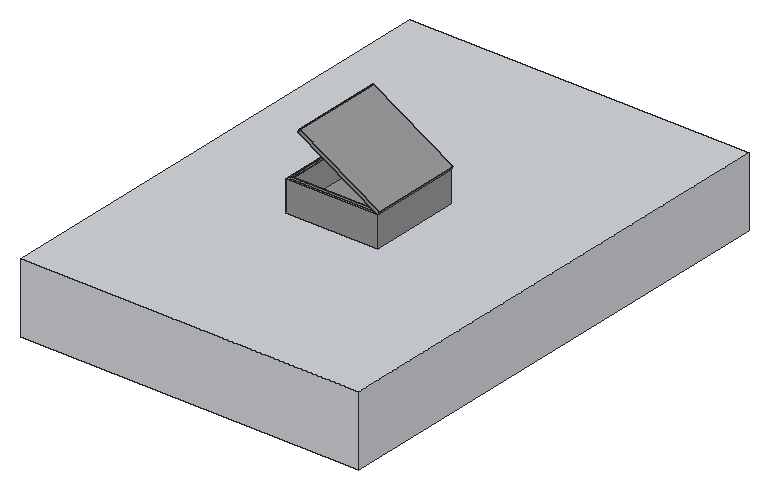
Revit family "Hager-Orion_Inox-IP66-D150-Cl.I-Inox_encl-630A-400mm-CH-it", category Equipement électrique, Revit 2020
Family settings
  Hôte = Face
  Configuration du panneau = Deux colonnes, circuits au sein
  Cote de connecteur circulaire = Utiliser le diamètre
  Type d'élément = Tableau de raccordement
  Couper avec des vides une fois chargée = Non
  Partagée = Non
  Point de calcul de pièce = Non
Parameters (values of type "A parete IP66 L400 A400 P150  - FL014BWL")
  Width Control [instance] = if([EF000008 - Larghezza] > Min Width, [EF000008 - Larghezza], Min Width)  # 400 mm
  Commentaires du type = [HG000003 - Gamma]  # "Orion Inox"
  Thickness Door [instance] = if([EF009171 - spessore materiale porta/coperchio] > 3 mm, 3 mm, [EF009171 - spessore materiale porta/coperchio])  # 1.5 mm
  Seal Frame Offset [instance] = 17 mm  # constant formula
  Model = ""
  Min Width [instance] = 100 mm  # constant formula
  Min Height [instance] = 100 mm  # constant formula
  Min Depth [instance] = (2 * [EF009170 - spessore materiale scatola]) + 1 mm  # 4 mm
  Internal Frame Depth [instance] = (Door System Depth * 0.5)  # 9 mm
  Height Control [instance] = if([EF000040 - Altezza] > Min Height, [EF000040 - Altezza], Min Height)  # 400 mm
  HG000027 - Altezza dello zoccolo = 0 mm
  HG000026 - A pavimento = no
  HG000024 - Altezza della sezione inferiore = 800 mm
  HG000023 - Custodia a doppia sezione = no
  HG000016 - Visibilità delle porte nella vista 3D [instance] = yes
  HG000015 - Visibilità attraverso la porta [instance] = no
  HG000014 - Porta destra [instance] = yes
  HG000013 - Porta sinistra [instance] = not([HG000014 - Porta destra])  # no
  HG000012 - Angolo di apertura della porta [instance] = 30.00°
  HG000010 - Porte asimmetriche = no
  HG000009 - Porta doppia a battente = no
  HG000006 - Ad incasso = no
  HG000004 - Codice produttore = "FL014BWL"
  HG000003 - Gamma = "Orion Inox"
  HG000002 - Con porta = yes
  Frame Offset Bottom [instance] = 10 mm  # constant formula
  Frame Offset [instance] = 15 mm  # constant formula
  EF015940 - Coprire con rilascio di sovrapressione = no
  EF011959 - tipo di protezione (NEMA) = ""
  EF009554 - numero delle aperture per la piastra della flangia = 0
  Fabricant = "Hager"  # constant formula
  EF009212 - esecuzione coperchio = "EV009916 - con taglio"
  EF009171 - spessore materiale porta/coperchio = 1.5 mm
  EF009170 - spessore materiale scatola = 1.5 mm
  EF008873 - corrente nominale (In) = 630 A
  EF007800 - adatto per parafulmine = no
  EF006306 - con serratura = no
  EF006244 - coperchio/porta trasparente = no
  EF005474 - grado di protezione (IP) = "EV006422 - IP66"
  EF004464 - tipo di porta = "EV002646 - singolo"
  EF004427 - numero di moduli = 0
  EF004293 - resistenza agli urti = "EV008784 - IK10"
  EF003532 - adatto per uso esterno = yes
  EF002950 - Numero moduli DIN = 0
  EF001613 - Integrità del circuito = ""
  EF001596 - Attacco Lampada = "EV000166 - acciaio inossidabile"
  EF001131 - profondità interna = 116 mm
  EF001088 - possibilità di applicazione = yes
  EF000437 - numero di ingressi per conduttori = 0
  EF000339 - tipo di copertura = "EV004216 - porta"
  EF000266 - numero di file = 0
  EF000218 - profondità di incasso = 0 mm
  EF000118 - con piastra di montaggio = no
  EF000116 - numero RAL = ""
  EF000049 - profondità = 150 mm
  EF000040 - Altezza = 400 mm
  EF000008 - Larghezza = 400 mm
  EF000007 - colore = "EV000154 - altri"
  EF000003 - Tipo di montaggio = "EV000384 - A parete"
  Door System Leaf Tolerance [instance] = 1.5 mm  # constant formula
  Door System Depth [instance] = 18 mm  # constant formula
  Depth Control [instance] = if([EF000049 - profondità] > Min Depth, [EF000049 - profondità], Min Depth)  # 150 mm
  Default Elevation = 0 mm
Types (4, lengths in mm): name | Width Control | HG000004 - Codice produttore | EF009212 - esecuzione coperchio | EF006306 - con serratura | EF006244 - coperchio/porta trasparente | EF004293 - resistenza agli urti | EF001613 - Integrità del circuito | EF000008 - Larghezza
  A parete IP66 L300 A400 P150  - FL014TW | 300 | "FL014TW" | "EV000116 - chiuso" | yes | yes | "EV006814 - IK08" | "EV000494 - senza" | 300
  A parete IP66 L300 A400 P150  - FL014TWL | 300 | "FL014TWL" | "EV000116 - chiuso" | yes | yes | "EV006814 - IK08" | "EV000494 - senza" | 300
  A parete IP66 L400 A400 P150  - FL014BW | 400 | "FL014BW" | "EV009916 - con taglio" | no | no | "EV008784 - IK10" | "" | 400
  A parete IP66 L400 A400 P150  - FL014BWL | 400 | "FL014BWL" | "EV009916 - con taglio" | no | no | "EV008784 - IK10" | "" | 400
Reference planes
  plane 1 "Center (Front/Back)": y = 0
  plane 2: z = 0
  plane 3 "Center (Left/Right)": x = 0
  plane 4: z = 150
  plane 5: y = 1.5
  plane 6: y = 200
  plane 7: y = 0
  plane 8: y = 400
  plane 9: z = 0
  plane 10: x = -185
  plane 11: x = 185
  plane 12: x = 183.5
  plane 13: x = -183.5
  plane 14: y = 398.5
  plane 15: x = -183
  plane 16: x = -200
  plane 17: x = 183
  plane 18: x = 200
  plane 19: x = 198.5
  plane 20: x = -198.5
  plane 21: y = 11.5
  plane 22: y = 400
  plane 23: y = 383.5
  plane 24: z = 132
  plane 25: z = 1.5
  plane 26: z = 130.5
  plane 27: z = 148.5
Forms (mm)
  Extrusion 1, solid
    sketch origin (0, 0, 0) x (1, 0, 0) y (0, 1, 0)
      loop
        line (-702.964, 1305) -> (-702.964, -811.445) -> (766.763, -811.445) -> (766.763, 1305) -> (-702.964, 1305)
    from 0 to -304.8
  Extrusion 2, solid, material "Hager_Stainless_Steel", detail levels medium+fine
    sketch origin (0, 0, 0) x (1, 0, 0) y (0, 1, 0)
      loop
        line (-200, 0) -> (200, 0) -> (200, 400) -> (-200, 400) -> (-200, 0)
    from 0 to 132
  Extrusion 3, solid, material "Hager_Steel_RAL 7035_Light_Grey", not visible, detail levels medium+fine
    sketch origin (0, 28.16, 50.802) x (0, 1, 0) y (0, 0, 1)
      loop
        line (223.34, -50.802) -> (223.34, 87.698)
        arc (223.34, 87.698) -> (220.411, 94.769) -> (213.34, 97.698) r 10
        line (213.34, 97.698) -> (183.34, 97.698) -> (183.34, -50.802) -> (223.34, -50.802)
    from -198.5 to 198.5
  Extrusion 4, void
    sketch origin (0, 0, 0) x (1, 0, 0) y (0, 1, 0)
      loop
        line (-198.5, 1.5) -> (198.5, 1.5) -> (198.5, 398.5) -> (-198.5, 398.5) -> (-198.5, 1.5)
    from 1.5 to 130.5
  Extrusion 5, void
    sketch origin (-381.607, -4572, 132) x (0, -1, 0) y (-1, 0, 0)
      loop
        line (-4583.5, -198.107) -> (-4955.5, -198.107) -> (-4955.5, -565.107) -> (-4583.5, -565.107) -> (-4583.5, -198.107)
    from 0 to 1.5 <- "EF009170 - spessore materiale scatola"
  Extrusion 6, solid, material "Hager_Stainless_Steel", detail levels fine
    sketch origin (-381.607, -4572, 132) x (-1, 0, 0) y (0, -1, 0)
      loop
        line (-198.107, -4583.5) -> (-565.107, -4583.5) -> (-565.107, -4955.5) -> (-198.107, -4955.5) -> (-198.107, -4583.5)
      loop
        line (-197.107, -4582) -> (-566.107, -4582) -> (-566.107, -4957) -> (-197.107, -4957) -> (-197.107, -4582)
    from 0 to 9 <- "Internal Frame Depth"
  Extrusion 7, solid, material "Hager_Stainless_Steel", detail levels coarse
    sketch origin (0, 0, 0) x (1, 0, 0) y (0, 1, 0)
      loop
        line (-200, 0) -> (200, 0) -> (200, 400) -> (-200, 400) -> (-200, 0)
    from 0 to 150
Cuts and joins
  Extrusion 4, Extrusion 5 cuts Extrusion 2
Lines and regions (mm)
  Masking region 1
    outline origin (0, 0, 0) x (1, 0, 0) y (0, 0, 1)
      loop
        line (-200, 150) -> (-200, 0) -> (200, 0) -> (200, 150) -> (-200, 150)
  Masking region 2, detail levels medium+fine
    outline origin (0, 140, 0) x (0, 1, 0) y (0, 0, 1)
      loop
        line (-140, 0) -> (260, 0) -> (260, 132) -> (-140, 132) -> (-140, 0)
  Masking region 3, not visible, detail levels medium+fine
    outline origin (0, 297.922, 0) x (0, 1, 0) y (0, 0, 1)
      loop
        line (-86.422, 0) -> (-46.422, 0) -> (-46.422, 138.5)
        arc (-46.422, 138.5) -> (-49.351, 145.571) -> (-56.422, 148.5) r 10
        line (-56.422, 148.5) -> (-86.422, 148.5) -> (-86.422, 0)
  Masking region 4, detail levels coarse
    outline origin (0, 0, 180) x (0, 1, 0) y (0, 0, 1)
      loop
        line (0, -180) -> (400, -180) -> (400, -30) -> (0, -30) -> (0, -180)
  Masking region 5
    outline origin (-381.607, -4572, 132) x (-1, 0, 0) y (0, -1, 0)
      loop
        line (-181.607, -4972) -> (-181.607, -4572) -> (-581.607, -4572) -> (-581.607, -4972) -> (-181.607, -4972)
Dimensions and locks
  "Depth Control": plane 4 to Extrusion 1
  "EF009170 - spessore materiale scatola": plane 5 to plane 7
  locked: connector elem to plane 3 "Center (Left/Right)"
  equal spacing: plane 8, plane 6, plane 7
  locked: connector elem to plane 6
  "EF009170 - spessore materiale scatola": plane 8 to plane 14
  "EF009170 - spessore materiale scatola": plane 10 to plane 13
  "EF009170 - spessore materiale scatola": plane 12 to plane 11
  "Frame Offset": plane 20 to plane 13
  "Frame Offset": plane 12 to plane 19
  "EF009170 - spessore materiale scatola": plane 16 to plane 20
  "EF009170 - spessore materiale scatola": plane 19 to plane 18
  "Seal Frame Offset": plane 16 to plane 15
  "Seal Frame Offset": plane 17 to plane 18
  "Frame Offset Bottom": plane 21 to plane 5
  "Frame Offset": plane 14 to plane 23
  equal spacing: plane 16, plane 3 "Center (Left/Right)", plane 18
  "Width Control": plane 16 to plane 18
  "EF009170 - spessore materiale scatola": plane 4 to plane 27
  "EF009170 - spessore materiale scatola": plane 24 to plane 26
  "EF009170 - spessore materiale scatola": plane 25 to level
  "Door System Depth": plane 4 to plane 24
  "Height Control": plane 1 "Center (Front/Back)" to Extrusion 7 sketch curve
  "Height Control": Masking region 4 sketch curve to plane 1 "Center (Front/Back)"
  "Thickness Door": Extrusion 6 sketch curve to plane 15
  "Thickness Door": plane 21 to Extrusion 6 sketch curve
  "Thickness Door": plane 17 to Extrusion 6 sketch curve
  "Thickness Door": Extrusion 6 sketch curve to plane 23
  "Height Control": plane 1 "Center (Front/Back)" to plane 22
  radius of Masking region 3 sketch curve = 10 mm
  radius of Extrusion 3 sketch curve = 10 mm
  aligned and locked: plane 2 to Extrusion 1
  aligned and locked: level to Extrusion 1
  aligned and locked: level to Masking region 1 sketch curve
  aligned and locked: Masking region 1 sketch curve to plane 18
  aligned and locked: Masking region 1 sketch curve to plane 16
  aligned and locked: plane 7 to Masking region 2 sketch curve
  aligned and locked: level to Masking region 3 sketch curve
  aligned and locked: Masking region 3 sketch curve to plane 27
  aligned and locked: level to Masking region 2 sketch curve
  aligned and locked: Extrusion 2 sketch curve to plane 7
  aligned and locked: plane 16 to Extrusion 2 sketch curve
  aligned and locked: plane 18 to Extrusion 2 sketch curve
  aligned and locked: Extrusion 3 sketch curve to level
  aligned and locked: plane 27 to Extrusion 3 sketch curve
  aligned and locked: plane 20 to Extrusion 3
  aligned and locked: plane 19 to Extrusion 3
  aligned and locked: plane 20 to Extrusion 4 sketch curve
  aligned and locked: plane 19 to Extrusion 4 sketch curve
  aligned and locked: Extrusion 4 sketch curve to plane 5
  aligned and locked: Extrusion 4 to plane 25
  aligned and locked: plane 26 to Extrusion 4
  aligned and locked: plane 24 to Extrusion 2
  aligned and locked: plane 21 to Extrusion 5 sketch curve
  aligned and locked: Extrusion 5 sketch curve to plane 13
  aligned and locked: Extrusion 5 sketch curve to plane 12
  aligned and locked: plane 18 to Extrusion 7 sketch curve
  aligned and locked: plane 1 "Center (Front/Back)" to Extrusion 7 sketch curve
  aligned and locked: plane 16 to Extrusion 7 sketch curve
  aligned and locked: plane 4 to Extrusion 7
  aligned and locked: Extrusion 7 to level
  aligned and locked: level to Masking region 4 sketch curve
  aligned and locked: Masking region 4 sketch curve to plane 1 "Center (Front/Back)"
  aligned and locked: Masking region 4 sketch curve to plane 4
  aligned and locked: nested 1 to level
  aligned and locked: nested 1 to plane 16
  aligned and locked: plane 8 to Extrusion 2 sketch curve
  aligned and locked: plane 23 to Extrusion 5 sketch curve
  aligned and locked: plane 14 to Extrusion 4 sketch curve
  aligned and locked: Extrusion 6 sketch curve to plane 21
  aligned and locked: plane 13 to Extrusion 6 sketch curve
  aligned and locked: plane 23 to Extrusion 6 sketch curve
  aligned and locked: plane 12 to Extrusion 6 sketch curve
  aligned and locked: Masking region 2 sketch curve to plane 8
  aligned and locked: Masking region 2 sketch curve to plane 24
  aligned and locked: nested 2 to plane 3 "Center (Left/Right)"
  aligned and locked: nested 2 to plane 24
  aligned and locked: Masking region 5 sketch curve to plane 1 "Center (Front/Back)"
  aligned and locked: Masking region 5 sketch curve to plane 18
  aligned and locked: Masking region 5 sketch curve to plane 22
  aligned and locked: Masking region 5 sketch curve to plane 16
  aligned and locked: plane 8 to plane 22
  aligned and locked: plane 7 to plane 1 "Center (Front/Back)"
  aligned and locked: nested 2 to plane 1 "Center (Front/Back)"
Automatic sketch dimensions
  Extrusion 1 sketch curve to Extrusion 1 sketch curve = 1469.727 mm
  Extrusion 1 sketch curve to Extrusion 1 sketch curve = 2116.445 mm
  plane 6 to Masking region 3 sketch curve = 11.5 mm
  Masking region 3 sketch curve to Masking region 3 sketch curve = 30 mm
  plane 6 to Extrusion 3 sketch curve = 11.5 mm
  Extrusion 3 sketch curve to Extrusion 3 sketch curve = 30 mm
  Masking region 1 sketch curve to plane 4 = 0 mm
Nested families
  nested 1: "Hager_Enclosure_Symbol" at (-200, 0, 0) x (1, 0, 0) z (0, -1, 0), Height <- "Depth Control", Width <- "Width Control", type "Hager_Enclosure_Symbol"
    with Width_Ctrl 400 mm, Width 400 mm, Height_Ctrl 150 mm, Height 150 mm, A_Width_Int 9.844 mm, A_Width 118.125 mm, A_Height_Ctrl 131.25 mm, A_Height 131.25 mm
  nested 2: "EC000058_OrionInox_Door" at (0, 400, 132) x (1, 0, 0) z (0, -1, 0), Leaf_Tolerance <- "Door System Leaf Tolerance", Angle <- "HG000012 - Angolo di apertura della porta", Door_Depth <- "Door System Depth", Door_Left <- "HG000013 - Porta sinistra", Transparent <- "EF006244 - coperchio/porta trasparente", Assymetrical <- "HG000010 - Porte asimmetriche", Width <- "Width Control", Clearance <- "HG000015 - Visibilità attraverso la porta", Double <- "HG000009 - Porta doppia a battente", 3d_Door <- "HG000016 - Visibilità delle porte nella vista 3D", Width_Ctrl <- "Width Control", Door_Right <- "HG000014 - Porta destra", Door <- "HG000002 - Con porta", Height <- "Height Control", Thickness <- "Thickness Door", type "EC000058_OrionInox_Door", detail levels medium+fine
    with min_wh 4 mm, Width_Ctrl 400 mm, Width 400 mm, Transparent no, Thickness 1.5 mm, Seal_Material Hager_Rubber, Leaf_Width 400 mm, Leaf_Tolerance_External_Sides 0 mm, Leaf_Tolerance 1.5 mm, Leaf_Offset 0 mm, Leaf_Height 397 mm, Leaf_2_Width 400 mm, Leaf_2_Offset 200 mm, Leaf_1_Width 400 mm, Leaf_1_Offset 200 mm, Height_Ctrl 400 mm, Height 400 mm, Glass_Material Hager_Glass, Double_Clearance_Ctrl no, Double no, Door_Right_Ctrl yes, Door_Right yes, Door_Material Hager_Stainless_Steel, Door_Left_Ctrl no, Door_Left no, Door_Depth 18 mm, Door yes, Clearance_Material Hager_Clearance, Clearance_Depth 400 mm, Clearance_Ctrl no, Clearance no, Assymetrical no, Angle 30.00°, 3d_Door yes
Connectors
  electrical at (0, 200, 0)
    settings: on plane 9, index 1, voltage 0 V, apparent load 0 VA, apparent load phase1 0 VA, apparent load phase2 0 VA, apparent load phase3 0 VA, power factor 1, load classification "Other", number of poles 1, system type 30, power factor state 1, is connector primary yes, connector utility no, sub classification motor no, connector description ""
Definition of nested family "EC000058_OrionInox_Door"
  Parameters (values of type "EC000058_OrionInox_Door")
    min_wh [instance] = (2 * Thickness) + 1 mm  # 11 mm
    Width_Ctrl [instance] = 400 mm
    Width [instance] = 500 mm
    Transparent [instance] = yes
    Thickness [instance] = 5 mm
    Seal_Material [instance] = none
    Leaf_Width [instance] = if((Width_Ctrl - 2 * Leaf_Tolerance_External_Sides) > 0 mm, (Width_Ctrl - 2 * Leaf_Tolerance_External_Sides), min_wh)  # 400 mm
    Leaf_Tolerance_External_Sides [instance] = 0 mm  # constant formula
    Leaf_Tolerance [instance] = 1.5 mm
    Leaf_Offset [instance] = 0 mm  # constant formula
    Leaf_Height [instance] = if((Height_Ctrl - 2 * Leaf_Tolerance) > 0 mm, (Height_Ctrl - 2 * Leaf_Tolerance), min_wh)  # 497 mm
    Leaf_2_Width [instance] = if(and(and(Double, Assymetrical), Door_Left), (Leaf_Width / 3) - (Leaf_Tolerance / 2), if(and(and(Double, Assymetrical), Door_Right), (Leaf_Width / 3) * 2 - (Leaf_Tolerance / 2), if(and(Double, not(Assymetrical)), (Leaf_Width / 2) - Leaf_Tolerance, Leaf_Width)))  # 400 mm
    Leaf_2_Offset [instance] = if(and(Double, Assymetrical), Leaf_2_Width / 2, if(and(Double, not(Assymetrical)), Leaf_Width / 4, Leaf_Width / 2))  # 200 mm
    Leaf_1_Width [instance] = if(and(and(Double, Assymetrical), Door_Right), (Leaf_Width / 3) - (Leaf_Tolerance / 2), if(and(and(Double, Assymetrical), Door_Left), (Width / 3) * 2 - (Leaf_Tolerance / 2), if(and(Double, not(Assymetrical)), (Leaf_Width / 2) - Leaf_Tolerance, Leaf_Width)))  # 400 mm
    Leaf_1_Offset [instance] = if(and(Double, Assymetrical), Leaf_1_Width / 2, if(and(Double, not(Assymetrical)), Leaf_Width / 4, Leaf_Width / 2))  # 200 mm
    Height_Ctrl [instance] = if(Height > min_wh, Height, min_wh)  # 500 mm
    Height [instance] = 500 mm
    Glass_Material [instance] = none
    Double_Clearance_Ctrl [instance] = and(Double, Clearance)  # no
    Double [instance] = no
    Door_Right_Ctrl [instance] = and(or(Door_Right, Double), Door)  # yes
    Door_Right [instance] = yes
    Door_Material [instance] = none
    Door_Left_Ctrl [instance] = and(or(Door_Left, Double), Door)  # no
    Door_Left [instance] = no
    Door_Depth [instance] = 30 mm
    Door [instance] = yes
    Default Elevation = 1219.2 mm
    Clearance_Material [instance] = none
    Clearance_Depth [instance] = if(Leaf_1_Width > Leaf_2_Width, Leaf_1_Width, Leaf_2_Width)  # 400 mm
    Clearance_Ctrl [instance] = and(not(Double), Clearance)  # yes
    Clearance [instance] = yes
    Assymetrical [instance] = yes
    Angle [instance] = 30.00°
    3d_Door [instance] = yes
  Reference planes
    plane 1 "Center (Front/Back)": y = 0
    plane 2 "Bottom": z = 0
    plane 3 "Center (Left/Right)": x = 0
    plane 4: z = 500
    plane 5: x = -200
    plane 6: x = 200
    plane 7: z = 500
    plane 8: x = -200
    plane 9: z = 0
    plane 10: x = 200
    plane 11: y = 0
    plane 12: z = 1.5
    plane 13: x = -600
    plane 14: y = -400
    plane 15: x = 600
    plane 16: x = 0
    plane 17: x = 0
    plane 18: x = -200
    plane 19: x = 200
    plane 20: z = 498.5
  Forms (mm)
    Extrusion 1, solid, material <- "Clearance_Material", visible <- "Double_Clearance_Ctrl"
      sketch origin (1200, 0, 0) x (1, 0, 0) y (0, 0, -1)
        loop
          line (-1800, -498.5) -> (-600, -498.5) -> (-600, 0) -> (-1800, 0) -> (-1800, -498.5)
      from 0 to -400
  Dimensions and locks
    equal spacing: plane 5, plane 3 "Center (Left/Right)", plane 6
    "Width_Ctrl": plane 5 to plane 6
    "Leaf_Offset": plane 5 to plane 8
    "Leaf_Offset": plane 6 to plane 10
    "Leaf_Offset": plane 9 to level
    "Leaf_Offset": plane 4 to plane 7
    "Height_Ctrl": plane 4 to level
    "Leaf_Tolerance": plane 12 to plane 9
    locked: plane 11 to plane 1 "Center (Front/Back)"
    "Leaf_1_Offset": plane 18 to plane 16
    "Leaf_2_Offset": plane 17 to plane 19
    "Leaf_1_Width": plane 13 to plane 8
    "Leaf_2_Width": plane 10 to plane 15
    "Clearance_Depth": plane 14 to plane 1 "Center (Front/Back)"
    "Leaf_Tolerance_External_Sides": plane 8 to plane 18
    "Leaf_Tolerance_External_Sides": plane 19 to plane 10
    "Leaf_Tolerance": plane 7 to plane 20
    aligned and locked: level to plane 2 "Bottom"
    aligned and locked: nested 1 to plane 16
    aligned and locked: nested 2 to plane 17
    aligned and locked: Extrusion 1 to plane 13
    aligned and locked: plane 15 to Extrusion 1
    aligned and locked: Extrusion 1 to plane 14
    aligned and locked: plane 12 to nested 1
    aligned and locked: nested 2 to plane 12
    aligned and locked: Extrusion 1 to plane 11
    aligned and locked: plane 20 to Extrusion 1
    aligned and locked: nested 2 to plane 11
    aligned and locked: nested 1 to plane 11
  Automatic sketch dimensions
    Extrusion 1 sketch curve to level = 0 mm
    plane 5 to Extrusion 1 sketch curve = 400 mm
    plane 6 to Extrusion 1 sketch curve = 400 mm
    Extrusion 1 sketch curve to plane 4 = 1.5 mm
  Nested families
    nested 1: "EC000058_OrionInox_Door_Leaf" at (0, 0, 1.5), Width <- "Leaf_1_Width", visible <- "Door_Left_Ctrl", Leaf_Height <- "Leaf_Height", Angle <- "Angle", 3d_Door <- "3d_Door", Transparent <- "Transparent", Clearance Material <- "Clearance_Material", Clearance <- "Clearance_Ctrl", Door_Material <- "Door_Material", Glass_Material <- "Glass_Material", Door_Depth <- "Door_Depth", Seal_Material <- "Seal_Material", Thickness <- "Thickness", type "EC000058_OrionInox_Door_Leaf"
      with Width 400 mm, Transparent_Ctrl yes, Transparent yes, Thickness 5 mm, Standard no, Seal_Material none, Seal_D2 8 mm, Seal_D1 1 mm, Offset_Internal_Frame 10 mm, Lock_Width 28 mm, Lock_Thickness 2 mm, Lock_Radius 6 mm, Leaf_Height 497 mm, Internal_Seal_Thickness 8 mm, Internal_Seal_Depth_2 4.5 mm, Internal_Frame_Depth 25 mm, Glass_Thickness -1 mm, Glass_Offset -2 mm, Glass_Material none, Door_Material none, Door_Depth 30 mm, Clearance Material none, Clearance yes, Angle_Ctrl 30.00°, Angle 30.00°, 3d_Door yes
    nested 2: "EC000058_OrionInox_Door_Leaf" at (0, 0, 1.5) x (-1, 0, 0) z (0, 0, 1), Width <- "Leaf_2_Width", visible <- "Door_Right_Ctrl", Leaf_Height <- "Leaf_Height", Angle <- "Angle", 3d_Door <- "3d_Door", Transparent <- "Transparent", Clearance Material <- "Clearance_Material", Clearance <- "Clearance_Ctrl", Door_Material <- "Door_Material", Glass_Material <- "Glass_Material", Door_Depth <- "Door_Depth", Seal_Material <- "Seal_Material", Thickness <- "Thickness", type "EC000058_OrionInox_Door_Leaf"
      with Width 400 mm, Transparent_Ctrl yes, Transparent yes, Thickness 5 mm, Standard no, Seal_Material none, Seal_D2 8 mm, Seal_D1 1 mm, Offset_Internal_Frame 10 mm, Lock_Width 28 mm, Lock_Thickness 2 mm, Lock_Radius 6 mm, Leaf_Height 497 mm, Internal_Seal_Thickness 8 mm, Internal_Seal_Depth_2 4.5 mm, Internal_Frame_Depth 25 mm, Glass_Thickness -1 mm, Glass_Offset -2 mm, Glass_Material none, Door_Material none, Door_Depth 30 mm, Clearance Material none, Clearance yes, Angle_Ctrl 30.00°, Angle 30.00°, 3d_Door yes
  Definition of nested family "EC000058_OrionInox_Door_Leaf"
    Parameters (values of type "EC000058_OrionInox_Door_Leaf")
      Width [instance] = 450 mm
      Transparent_Ctrl [instance] = and(Transparent, [3d_Door])  # yes
      Transparent [instance] = yes
      Thickness [instance] = 5 mm
      Standard [instance] = and(not(Transparent), [3d_Door])  # no
      Seal_Material [instance] = none
      Seal_D2 [instance] = 8 mm  # constant formula
      Seal_D1 [instance] = 1 mm  # constant formula
      Offset_Internal_Frame [instance] = 10 mm  # constant formula
      Lock_Width [instance] = Door_Depth - Lock_Thickness  # 28 mm
      Lock_Thickness [instance] = 2 mm  # constant formula
      Lock_Radius [instance] = 6 mm  # constant formula
      Leaf_Height [instance] = 450 mm
      Internal_Seal_Thickness [instance] = 8 mm  # constant formula
      Internal_Seal_Depth_2 [instance] = 4.5 mm  # constant formula
      Internal_Frame_Depth [instance] = if(Door_Depth - Thickness > 5 mm, Door_Depth - Thickness, 5 mm)  # 25 mm
      Glass_Thickness [instance] = if(Thickness > 15 mm, Glass_Offset + 10 mm, -1 mm)  # -1 mm
      Glass_Offset [instance] = if(Thickness > 15 mm, -(Thickness + 10 mm) / 2, -2 mm)  # -2 mm
      Glass_Material [instance] = none
      Door_Material [instance] = none
      Door_Depth [instance] = 30 mm
      Default Elevation = 0 mm
      Clearance Material [instance] = none
      Clearance [instance] = yes
      Angle_Ctrl [instance] = if(Angle > 180.00°, 180.00°, Angle)  # 90.00°
      Angle [instance] = 90.00°
      3d_Door [instance] = yes
    Reference planes
      plane 1 "Center (Front/Back)": y = 0
      plane 2: z = 0
      plane 3 "Center (Left/Right)": x = 0
      plane 4: y = 450
      plane 5: x = -225
      plane 6: x = 225
      plane 7: x = -675
      plane 8: z = 450
      plane 9: z = 30
      plane 10: z = 420
      plane 11: x = 195
      plane 12: x = -195
      plane 13: y = -3
      plane 14: z = 107.833
      plane 15: y = -5
      plane 16: y = -223.314
      plane 17: x = -225
      plane 18: y = 30
    Forms (mm)
      Extrusion 1, solid, material <- "Clearance Material", visible <- "Clearance"
        sketch origin (0, 0, 0) x (1, 0, 0) y (0, 0, 1)
          loop
            line (-675, 450) -> (-675, 0) -> (225, 0) -> (225, 450) -> (-675, 450)
        from 0 to -450
      Extrusion 2, solid, material <- "Door_Material", visible <- "Standard", detail levels medium+fine
        sketch origin (-225, 0, 0) x (0, 1, 0) y (-1, 0, 0)
          loop
            line (0, 30) -> (0, 25) -> (450, 25) -> (450, 30) -> (0, 30)
        from 0 to 450 <- "Leaf_Height"
      Extrusion 3, solid, material <- "Door_Material", visible <- "Transparent_Ctrl", detail levels medium+fine
        sketch origin (-225, 0, 0) x (0, 1, 0) y (-1, 0, 0)
          loop
            line (0, 25) -> (450, 25) -> (450, 30) -> (0, 30) -> (0, 25)
        from 0 to 450 <- "Leaf_Height"
      Extrusion 4, void
        sketch origin (-250, 450, 0) x (0, 1, 0) y (0, 0, -1)
          loop
            line (-30, -420) -> (-30, -30) -> (-420, -30) -> (-420, -420) -> (-30, -420)
        from 0 to 5 <- "Thickness"
      Sweep 5, solid, material <- "Seal_Material", visible <- "Transparent_Ctrl", detail levels fine
        path in 3D
          loop
            line (-250, 30, 30) -> (-250, 30, 420) -> (-250, 420, 420) -> (-250, 420, 30) -> (-250, 30, 30)
        profile origin (-250, 225, 30) x (1, 0, 0) y (0, 0, 1)
          loop
            line (0, 0) -> (0, -8) -> (1, -8) -> (1, 0) -> (0, 0)
      Extrusion 6, solid, material <- "Glass_Material", visible <- "Transparent_Ctrl", detail levels medium+fine
        sketch origin (-255, 0, 0) x (0, 1, 0) y (0, 0, -1)
          loop
            line (420, -420) -> (420, -30) -> (30, -30) -> (30, -420) -> (420, -420)
        from -2 <- "Glass_Offset" to -1 <- "Glass_Thickness"
      Extrusion 7, solid, material <- "Door_Material", visible <- "3d_Door", detail levels medium+fine
        sketch origin (-250, 450, 0) x (0, -1, 0) y (0, 0, -1)
          loop
            line (0, -450) -> (450, -450) -> (450, 0) -> (0, 0) -> (0, -450)
          loop
            line (445, -5) -> (5, -5) -> (5, -445) -> (445, -445) -> (445, -5)
        from 0 to 25 <- "Internal_Frame_Depth"
      Sweep 8, solid, material <- "Seal_Material", visible <- "Transparent_Ctrl", detail levels fine
        path in 3D
          loop
            line (-250, 0, 0) -> (-250, 450, 0) -> (-250, 450, 450) -> (-250, 0, 450) -> (-250, 0, 0)
        profile origin (-250, 0, 225) x (1, 0, 0) y (0, 1, 0)
          loop
            line (0, 10) -> (2.975, 10)
            arc (2.975, 10) -> (4.053, 10.447) -> (4.5, 11.525) r 1.525
            line (4.5, 11.525) -> (4.5, 16.527)
            arc (4.5, 16.527) -> (4.069, 17.569) -> (3.027, 18) r 1.473
            line (3.027, 18) -> (0, 18) -> (0, 10)
    Cuts and joins
      Extrusion 4 cuts Extrusion 3
    Lines and regions (mm)
      Masking region 1, detail levels medium+fine
        outline origin (0, 0, 0) x (0, 1, 0) y (0, 0, 1)
          loop
            line (0, 0) -> (30, 0) -> (30, 450) -> (0, 450) -> (0, 0)
      Masking region 2, detail levels medium+fine
        outline origin (0, 0, 0) x (1, 0, 0) y (0, 0, 1)
          loop
            line (-225, 450) -> (-225, 0) -> (225, 0) -> (225, 450) -> (-225, 450)
      symbolic lines
        curve 1: line (225, 0, 0) -> (-675, 0, 0)
        curve 2: arc (225, 0, 0) -> (-225, 450, 0) -> (-675, 0, 0) r 450
        curve 4: line (-255, 0, 0) -> (-255, 450, 0)
      reference lines
        curve 3: line (-225, 0, 0) -> (-225, 450, 0)
      symbolic lines, detail levels medium+fine
        curve 5: line (-255, 450, 0) -> (-250, 450, 0)
        curve 7: line (-250, 0, 0) -> (-255, 0, 0)
        curve 8: line (-250, 0, 0) -> (-225, 0, 0)
        curve 9: line (-225, 0, 0) -> (-225, 450, 0)
        curve 10: line (-225, 450, 0) -> (-250, 450, 0)
      symbolic lines, detail levels fine
        curve 6: line (-250, 450, 0) -> (-250, 0, 0)
      sketch lines
        curve 11: line (-250, 0, 450) -> (-250, 0, 0)
        curve 12: line (-250, 450, 0) -> (-250, 0, 0)
        curve 13: line (-250, 450, 450) -> (-250, 450, 0)
        curve 14: line (-250, 0, 450) -> (-250, 450, 450)
        curve 15: line (-250, 420, 30) -> (-250, 30, 30)
        curve 16: line (-250, 30, 30) -> (-250, 30, 420)
        curve 17: line (-250, 420, 420) -> (-250, 420, 30)
        curve 18: line (-250, 30, 420) -> (-250, 420, 420)
      symbolic lines, visible <- "Transparent", detail levels medium+fine
        curve 19: line (-195, 0, 420) -> (195, 0, 420)
        curve 20: line (-195, 0, 30) -> (-195, 0, 420)
        curve 21: line (195, 0, 30) -> (-195, 0, 30)
        curve 22: line (195, 0, 420) -> (195, 0, 30)
    Dimensions and locks
      "Width": plane 1 "Center (Front/Back)" to plane 4
      equal spacing: plane 5, plane 3 "Center (Left/Right)", plane 6
      "Width": plane 5 to plane 6
      "Width": plane 7 to plane 5
      "Leaf_Height": plane 8 to level
      "Width": curve 5 to curve 3
      "Width": curve 3 to curve 3
      plane 8 to plane 10 = 30 mm
      plane 9 to level = 30 mm
      plane 12 to plane 5 = 30 mm
      plane 6 to plane 11 = 30 mm
      Extrusion 4 sketch curve to Extrusion 3 = 30 mm
      Extrusion 3 to Extrusion 4 sketch curve = 30 mm
      Extrusion 1 to Extrusion 4 sketch curve = 30 mm
      curve 3 to Extrusion 4 sketch curve = 30 mm
      Extrusion 4 sketch curve to cut or joined group of Extrusion 3, Extrusion 4 = 30 mm
      cut or joined group of Extrusion 3, Extrusion 4 to Extrusion 6 sketch curve = 30 mm
      cut or joined group of Extrusion 3, Extrusion 4 to Extrusion 4 sketch curve = 30 mm
      "Thickness": curve 6 to curve 4
      "Thickness": Extrusion 7 sketch curve to Extrusion 7 sketch curve  (x4)
      "Door_Depth": curve 4 to curve 3
      "Offset_Internal_Frame": profile plane to Sweep 8 sketch curve
      "Internal_Seal_Thickness": Sweep 8 sketch curve to Sweep 8 sketch curve
      "Internal_Seal_Depth_2": profile plane to Sweep 8 sketch curve
      "Seal_D1": profile plane to Sweep 5 sketch curve
      "Seal_D2": profile plane to Sweep 5 sketch curve
      "Thickness": Extrusion 2 sketch curve to Extrusion 2 sketch curve
      "Door_Depth": plane 18 to plane 1 "Center (Front/Back)"
      radius of Sweep 8 sketch curve = 1.525 mm
      radius of Sweep 8 sketch curve = 1.473 mm
      "Angle_Ctrl": angle plane 1 "Center (Front/Back)" to curve 3
      aligned and locked: level to plane 2
      aligned and locked: Extrusion 1 to curve 1
      aligned and locked: plane 6 to Extrusion 1
      aligned and locked: plane 1 "Center (Front/Back)" to Extrusion 1
      aligned and locked: plane 4 to Extrusion 1
      aligned and locked: plane 8 to Extrusion 1
      aligned and locked: curve 7 to Extrusion 2 sketch curve
      aligned and locked: curve 5 to Extrusion 2 sketch curve
      aligned and locked: curve 7 to Extrusion 3 sketch curve
      aligned and locked: Extrusion 3 sketch curve to curve 4
      aligned and locked: Extrusion 3 sketch curve to curve 6
      aligned and locked: Extrusion 3 sketch curve to curve 5
      aligned and locked: curve 9 to curve 3
      aligned and locked: Extrusion 7 sketch curve to cut or joined group of Extrusion 3, Extrusion 4  (x4)
      aligned and locked: plane 17 to curve 3
      aligned and locked: plane 1 "Center (Front/Back)" to curve 3
      aligned and locked: plane 17 to plane 5
      aligned and locked: Sweep 8 sketch curve to profile plane
      aligned and locked: Sweep 5 sketch curve to profile plane  (x2)
      aligned and locked: plane 1 "Center (Front/Back)" to Masking region 1 sketch curve
      aligned and locked: plane 18 to Masking region 1 sketch curve
      aligned and locked: level to Masking region 1 sketch curve
      aligned and locked: Masking region 1 sketch curve to plane 8
      aligned and locked: plane 17 to Masking region 2 sketch curve
      aligned and locked: level to Masking region 2 sketch curve
      aligned and locked: Masking region 2 sketch curve to plane 8
      aligned and locked: plane 12 to curve 20
      aligned and locked: plane 10 to curve 19
      aligned and locked: plane 11 to curve 22
      aligned and locked: plane 9 to curve 21
      aligned and locked: Extrusion 2 sketch curve to cut or joined group of Extrusion 3, Extrusion 4
    Automatic sketch dimensions
      plane 1 "Center (Front/Back)" to curve 2 = 0 mm
      curve 2 to plane 5 = 0 mm
      Extrusion 1 sketch curve to level = 0 mm
      Extrusion 1 sketch curve to plane 7 = 0 mm
      Extrusion 1 sketch curve to plane 6 = 0 mm
      Extrusion 1 sketch curve to plane 8 = 0 mm
      Extrusion 3 to Extrusion 6 sketch curve = 30 mm  (x4)
      Masking region 2 sketch curve to plane 6 = 0 mm
      curve 4 to curve 3 = 0 mm
Definition of nested family "Hager_Enclosure_Symbol"
  Parameters (values of type "Hager_Enclosure_Symbol")
    Width_Ctrl [instance] = if(Width > 1 mm, Width, 1 mm)  # 102.27 mm
    Width [instance] = 102.27 mm
    Height_Ctrl [instance] = if(Height > 1 mm, Height, 1 mm)  # 66.5 mm
    A_Width_Int [instance] = if(A_Width / 12 > 2 mm, A_Width / 12, 2 mm)  # 4.364 mm
    A_Width [instance] = if(A_Height_Ctrl * 0.9 > 2 mm, A_Height_Ctrl * 0.9, 2 mm)  # 52.369 mm
    A_Height_Ctrl [instance] = if(A_Height > 2 mm, A_Height, 2 mm)  # 58.188 mm
    Height [instance] = 66.5 mm
    A_Height [instance] = Height - (Height / 8)  # 58.188 mm
  Reference planes
    plane 1 "Centre (avant/arrière)": y = 0
    plane 2: z = 0
    plane 3 "Centre (gauche/droite)": x = 0
    plane 4: x = 52.369
    plane 5: y = 33.042
    plane 6: y = 41.77
    plane 7: y = 66.5
    plane 8: x = 26.184
    plane 9: y = 37.406
    plane 10: x = 102.27
    plane 11: y = 66.5
    plane 12: y = 8.313
  Lines and regions (mm)
    Filled region 1, type "Solid_Black", in view "Niveau de réf."
      outline origin (0, 0, 0) x (1, 0, 0) y (0, 1, 0)
        loop
          line (52.369, 66.5) -> (33.188, 54.536) -> (45.365, 45.006) -> (52.369, 66.5)
    Filled region 2, type "Solid_Black", in view "Niveau de réf."
      outline origin (0, 0, 0) x (1, 0, 0) y (0, 1, 0)
        loop
          line (0, 0) -> (102.27, 0) -> (102.27, 66.5) -> (0, 0)
    detail lines, in view "Niveau de réf."
      curve 1: line (0, 8.313, 0) -> (26.184, 41.77, 0)
      curve 2: line (26.184, 41.77, 0) -> (26.184, 33.042, 0)
      curve 3: line (26.184, 33.042, 0) -> (52.369, 66.5, 0)
  Dimensions and locks
    "A_Width": plane 3 "Centre (gauche/droite)" to plane 4
    equal spacing: plane 3 "Centre (gauche/droite)", plane 8, plane 4
    equal spacing: plane 6, plane 9, plane 5
    equal spacing: curve 3, Filled region 1 sketch curve, Filled region 1 sketch curve
    "Height_Ctrl": plane 1 "Centre (avant/arrière)" to plane 11
    "A_Height_Ctrl": plane 11 to plane 12
    equal spacing: plane 11, plane 9, plane 12
    "A_Width_Int": plane 6 to plane 9
    "Width_Ctrl": plane 3 "Centre (gauche/droite)" to plane 10
    angle Filled region 1 sketch curve to curve 3 = 20.00°
    angle curve 3 to Filled region 1 sketch curve = 20.00°
    locked: curve 3 to Filled region 1 sketch curve (angle 90.00°)
    aligned and locked: plane 10 to Filled region 2
    aligned and locked: plane 11 to Filled region 2 sketch curve
    aligned and locked: plane 10 to Filled region 2 sketch curve
    aligned and locked: plane 3 "Centre (gauche/droite)" to curve 1
    aligned and locked: plane 12 to curve 1
    aligned and locked: plane 7 to plane 11
  Automatic sketch dimensions
    Filled region 1 sketch curve to plane 4 = 0 mm
    Filled region 1 sketch curve to plane 7 = 0 mm
    plane 1 "Centre (avant/arrière)" to Filled region 2 sketch curve = 0 mm
    Filled region 2 sketch curve to plane 3 "Centre (gauche/droite)" = 0 mm
    curve 2 to plane 6 = 0 mm
    curve 2 to plane 8 = 0 mm
    curve 3 to plane 4 = 0 mm
    curve 2 to plane 5 = 0 mm
    curve 3 to plane 7 = 0 mm
